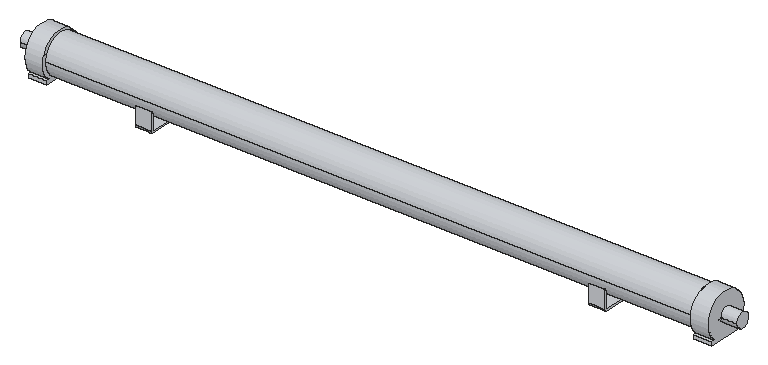
Revit family "0046370", category Lighting Fixtures, host Face, Revit 2017
Family settings
  Host = Face
  Round Connector Dimension = Use Diameter
  Part Type = Normal
  OmniClass Number = 23.80.70.00
  OmniClass Title = Lighting
  Cut with Voids When Loaded = No
  Light Source = Yes
  Shared = No
  Room Calculation Point = No
Parameters (values of type "0046370 ST WTRPRF SLIM 1200 IP65 4600LM 840")
  Weight = "9.27 kg"
  Wattage Comments = ""
  Wattage = 0 W
  WarrantyStartDate [instance] = "n/a"
  WarrantyGuarantorParts = "n/a"
  WarrantyDurationUnit = "n/a"
  WarrantyDurationParts = "n/a"
  WarrantyDescription = "n/a"
  built-in parameter 1150110 = 1 (stored number, unit not read)
  Voltage = 0 V
  URL = "http://www.sylvania-lighting.com"
  TypeName = "START Waterproof Slim 1200 IP65 4600lm 840"
  Type Image = <None>
  Type Comments = "n/a"
  built-in parameter 1114217 = 1 (stored number, unit not read)
  Tilt Angle = -90.00°
  built-in parameter 1150109 = 1 (stored number, unit not read)
  built-in parameter 1150134 = 12
  built-in parameter 1150113 = 1 (stored number, unit not read)
  SerialNumber [instance] = "n/a"
  Photometric Web File = "0046370.ies"
  Material_3_SYL = none
  PowerFactor = 0
  PowerConsumption = "n/a"
  NominalLength = 1122 mm
  NominalHeight = 64.5 mm
  NominalDepth = 67 mm
  Name = "START Waterproof Slim 1200 IP65 4600lm 840"
  ModelReference = Name  # "START Waterproof Slim 1200 IP65 4600lm 840"
  ModelNumber = "0046370"
  Model = Name  # "START Waterproof Slim 1200 IP65 4600lm 840"
  Material = "n/a"
  ManufacturerName = "Feilo Sylvania"
  Manufacturer = "Feilo Sylvania"
  MID_W_DIST_SYL = 47 mm
  LuminousEfficacy = "131 lm/W"
  built-in parameter 1150105 = (empty or 0)
  Lumens = 0 lm
  LuminaireType = ""
  built-in parameter 1150115 = 1 (stored number, unit not read)
  LightOutputRatio = "n/a"
  built-in parameter 1150137 = (empty or 0)
  built-in parameter 1150139 = (empty or 0)
  LampsType = Lamp  # "LED"
  LampNominalLuminous = "4600 lm"
  LampMacAdamStep = "n/a"
  LampColourTemperature = "4000 K"
  LampColourRenderingIndex = "80"
  built-in parameter 1150112 = 1 (stored number, unit not read)
  built-in parameter 1150114 = 1 (stored number, unit not read)
  Lamp = "LED"
  LENGHT_-1_SYL = (-1) * (LENGHT1_SYL)  # -545.5 mm
  LENGHT1_SYL = 545.5 mm
  LAM_D_SYL = 32.5 mm
  Keynote = "16500"
  InstallationDate [instance] = "n/a"
  InputVoltage = "n/a"
  InputNominalFrequency = "n/a"
  built-in parameter 1150132 = (empty or 0)
  built-in parameter 1150102 = (empty or 0)
  built-in parameter 1150107 = 4000 (stored number, unit not read)
  built-in parameter 1150138 = (empty or 0)
  IngressProtection = "IP65"
  ImpactProtectionIndex = "IK08"
  built-in parameter 1150106 = (empty or 0)
  IfcExportType = "IfcLightFixtureType"
  IfcExportAs = "IfcLightFixtureType"
  Emit from Circle Diameter = 609.6 mm
  Emit Shape Visible in Rendering = no
  ElectricShockClassification = "Class I"
  built-in parameter 1150104 = 12.17 (stored number, unit not read)
  DocumentationLiterature = "http://www.sylvania-lighting.com/product/en-int/products/0046370"
  DimmingControlOptions = "n/a"
  Material_2_SYL = none
  Dimming Lamp Color Temperature Shift = <None>
  Description = "START Waterproof Slim is a LED integrated polycarbonate housing luminaire with easy to access electrical terminal through bayonet lock end caps and tool-free electrical connection due to push-in terminal. Flexible installation as mounting brackets can be positioned freely on the luminaire. 35W; 4600lm; High efficiency with 131lm/W and 100,000 hours lifespan L70B50. SDCM < 5; IP65; IK08; Class I; 1207mm x 70mm x 69mm."
  Default Elevation = 1219.2 mm
  CreatedOn = "5/11/2021"
  CreatedBy = "@sylvania-lighting.com"
  Cost = 0
  Color Filter = 16777215
  built-in parameter 1114216 [instance] = (empty or 0)
  ClassificationValue = "EF_70_80"
  ClassificationName = "Uniclass2015"
  Material_1_SYL = none
  BarCode [instance] = "n/a"
  built-in parameter 1114218 = 1 (stored number, unit not read)
  built-in parameter 1150133 = 10 (stored number, unit not read)
  AssetType = "Fixed"
  AssetIdentifier [instance] = "n/a"
  Assembly Code = "D5020200"
  Apparent Load = 0 VA
  Material_4_SYL = none
Types (4, lengths in mm): name | TypeName | built-in parameter 1150134 | Photometric Web File | Name | ModelReference | ModelNumber | Model | LuminousEfficacy | LampNominalLuminous | LampColourTemperature | built-in parameter 1150107 | built-in parameter 1150104 | DocumentationLiterature | Description
  0046374 ST WTRPRF SLIM 1200 IP65 2500LM 865 | "START Waterproof Slim 1200 IP65 2500lm 865" | 1 | "0046374.ies" | "START Waterproof Slim 1200 IP65 2500lm 865" | "START Waterproof Slim 1200 IP65 2500lm 865" | "0046374" | "START Waterproof Slim 1200 IP65 2500lm 865" | "132 lm/W" | "2500 lm" | "6500 K" | 6500 (stored number, unit not read) | 12.263 (stored number, unit not read) | "http://www.sylvania-lighting.com/product/en-int/products/0046374" | "START Waterproof Slim is a LED integrated polycarbonate housing luminaire with easy to access electrical terminal through bayonet lock end caps and tool-free electrical connection due to push-in terminal. Flexible installation as mounting brackets can be positioned freely on the luminaire. 19W; 2500lm; High efficiency with 132lm/W and 100,000 hours lifespan L70B50. SDCM < 5; IP65; IK08; Class I; 1207mm x 70mm x 69mm."
  0046370 ST WTRPRF SLIM 1200 IP65 4600LM 840 | "START Waterproof Slim 1200 IP65 4600lm 840" | 12 | "0046370.ies" | "START Waterproof Slim 1200 IP65 4600lm 840" | "START Waterproof Slim 1200 IP65 4600lm 840" | "0046370" | "START Waterproof Slim 1200 IP65 4600lm 840" | "131 lm/W" | "4600 lm" | "4000 K" | 4000 (stored number, unit not read) | 12.17 (stored number, unit not read) | "http://www.sylvania-lighting.com/product/en-int/products/0046370" | "START Waterproof Slim is a LED integrated polycarbonate housing luminaire with easy to access electrical terminal through bayonet lock end caps and tool-free electrical connection due to push-in terminal. Flexible installation as mounting brackets can be positioned freely on the luminaire. 35W; 4600lm; High efficiency with 131lm/W and 100,000 hours lifespan L70B50. SDCM < 5; IP65; IK08; Class I; 1207mm x 70mm x 69mm."
  0046369 ST WTRPRF SLIM 1200 IP65 2500LM 840 | "START Waterproof Slim 1200 IP65 2500lm 840" | 12 | "0046369.ies" | "START Waterproof Slim 1200 IP65 2500lm 840" | "START Waterproof Slim 1200 IP65 2500lm 840" | "0046369" | "START Waterproof Slim 1200 IP65 2500lm 840" | "132 lm/W" | "2500 lm" | "4000 K" | 4000 (stored number, unit not read) | 12.263 (stored number, unit not read) | "http://www.sylvania-lighting.com/product/en-int/products/0046369" | "START Waterproof Slim is a LED integrated polycarbonate housing luminaire with easy to access electrical terminal through bayonet lock end caps and tool-free electrical connection due to push-in terminal. Flexible installation as mounting brackets can be positioned freely on the luminaire. 19W; 2500lm; High efficiency with 132lm/W and 100,000 hours lifespan L70B50. SDCM < 5; IP65; IK08; Class I; 1207mm x 70mm x 69mm."
  0046375 ST WTRPRF SLIM 1200 IP65 4600LM 865 | "START Waterproof Slim 1200 IP65 4600lm 865" | 1 | "0046375.ies" | "START Waterproof Slim 1200 IP65 4600lm 865" | "START Waterproof Slim 1200 IP65 4600lm 865" | "0046375" | "START Waterproof Slim 1200 IP65 4600lm 865" | "131 lm/W" | "4600 lm" | "6500 K" | 6500 (stored number, unit not read) | 12.17 (stored number, unit not read) | "http://www.sylvania-lighting.com/product/en-int/products/0046375" | "START Waterproof Slim is a LED integrated polycarbonate housing luminaire with easy to access electrical terminal through bayonet lock end caps and tool-free electrical connection due to push-in terminal. Flexible installation as mounting brackets can be positioned freely on the luminaire. 35W; 4600lm; High efficiency with 131lm/W and 100,000 hours lifespan L70B50. SDCM < 5; IP65; IK08; Class I; 1207mm x 70mm x 69mm."
Reference planes
  plane 1 "Center (Front/Back)": y = 0
  plane 2: z = 0
  plane 3 "Center (Left/Right)": x = 0
  plane 4: z = 47
  plane 5: z = 79.5
  plane 6: z = 12
  plane 7: y = 35
  plane 8: y = -35
  plane 9: z = 82
  plane 10: y = 29.5
  plane 11: y = -29.5
  plane 12: z = 18
  plane 13: y = 25.5
  plane 14: y = -25.5
  plane 15: z = 2
  plane 16: y = -27.5
  plane 17: y = 27.5
  plane 18: z = 59
  plane 19: x = 319
Forms (mm)
  Extrusion 1, solid
    sketch origin (319, 1524, 1219.2) x (0, 1, 0) y (0, 0, 1)
      loop
        circle (-1524, -1172.2) r 32.5
    from -545.5 <- "LENGHT_-1_SYL" to 545.5 <- "LENGHT1_SYL"
  Extrusion 2, solid
    sketch origin (319, 1524, 1219.2) x (0, 1, 0) y (0, 0, 1)
      loop
        arc (-1498.5, -1201.2) -> (-1524, -1137.2) -> (-1549.5, -1201.2) r 37.08
        line (-1549.5, -1201.2) -> (-1553.5, -1201.2) -> (-1553.5, -1207.2) -> (-1494.5, -1207.2) -> (-1494.5, -1201.2) -> (-1498.5, -1201.2)
    from -575.5 to -545.5
  Extrusion 3, solid
    sketch origin (319, 1524, 1219.2) x (0, 1, 0) y (0, 0, 1)
      loop
        line (-1494.5, -1184.388) -> (-1496.5, -1184.388) -> (-1496.5, -1215.2)
        arc (-1496.5, -1215.2) -> (-1497.086, -1216.614) -> (-1498.5, -1217.2) r 2
        line (-1498.5, -1217.2) -> (-1549.5, -1217.2)
        arc (-1549.5, -1217.2) -> (-1550.914, -1216.614) -> (-1551.5, -1215.2) r 2
        line (-1551.5, -1215.2) -> (-1551.5, -1184.388) -> (-1553.5, -1184.388) -> (-1553.5, -1216.2)
        arc (-1553.5, -1216.2) -> (-1552.621, -1218.321) -> (-1550.5, -1219.2) r 3
        line (-1550.5, -1219.2) -> (-1497.5, -1219.2)
        arc (-1497.5, -1219.2) -> (-1495.379, -1218.321) -> (-1494.5, -1216.2) r 3
        line (-1494.5, -1216.2) -> (-1494.5, -1184.388)
    from -395.5 to -368.5
  Extrusion 4, solid
    sketch origin (0, 0, 0) x (0, 1, 0) y (0, 0, 1)
      loop
        circle (0, 47) r 12
    from -284.5 to 922.5
  Extrusion 5, solid
    sketch origin (319, 1524, 1219.2) x (0, 1, 0) y (0, 0, -1)
      loop
        line (-1498.5, 1201.2) -> (-1494.5, 1201.2) -> (-1494.5, 1207.2) -> (-1553.5, 1207.2) -> (-1553.5, 1201.2) -> (-1549.5, 1201.2)
        arc (-1549.5, 1201.2) -> (-1524, 1137.2) -> (-1498.5, 1201.2) r 37.08
    from -575.5 to -545.5
  Extrusion 6, solid
    sketch origin (319, 1524, 1219.2) x (0, 1, 0) y (0, 0, -1)
      loop
        line (-1494.5, 1184.388) -> (-1494.5, 1216.2)
        arc (-1494.5, 1216.2) -> (-1495.379, 1218.321) -> (-1497.5, 1219.2) r 3
        line (-1497.5, 1219.2) -> (-1550.5, 1219.2)
        arc (-1550.5, 1219.2) -> (-1552.621, 1218.321) -> (-1553.5, 1216.2) r 3
        line (-1553.5, 1216.2) -> (-1553.5, 1184.388) -> (-1551.5, 1184.388) -> (-1551.5, 1215.2)
        arc (-1551.5, 1215.2) -> (-1550.914, 1216.614) -> (-1549.5, 1217.2) r 2
        line (-1549.5, 1217.2) -> (-1498.5, 1217.2)
        arc (-1498.5, 1217.2) -> (-1497.086, 1216.614) -> (-1496.5, 1215.2) r 2
        line (-1496.5, 1215.2) -> (-1496.5, 1184.388) -> (-1494.5, 1184.388)
    from -395.5 to -368.5
Dimensions and locks
  "MID_W_DIST_SYL": plane 4 to host face
  "LAM_D_SYL": plane 4 to plane 5
  aligned and locked: plane 2 to host face
  aligned and locked: level to host face
  aligned and locked: Extrusion 2 to Extrusion 1
Automatic sketch dimensions
  host sketch curve to host sketch curve = 2438.4 mm  (x2)
  Extrusion 1 sketch curve to plane 1 "Center (Front/Back)" = 0 mm
  plane 4 to Extrusion 1 sketch curve = 0 mm
  plane 6 to Extrusion 2 sketch curve = 0 mm
  Extrusion 2 sketch curve to plane 11 = 0 mm
  plane 12 to Extrusion 2 sketch curve = 0 mm  (x2)
  Extrusion 2 sketch curve to plane 14 = 0 mm
  Extrusion 2 sketch curve to plane 1 "Center (Front/Back)" = 0 mm
  Extrusion 2 sketch curve to plane 10 = 0 mm
  plane 4 to Extrusion 2 sketch curve = 2.08 mm
  Extrusion 3 sketch curve to plane 11 = 0 mm
  Extrusion 3 sketch curve to plane 16 = 0 mm
  Extrusion 3 sketch curve to level = 0 mm
  Extrusion 3 sketch curve to plane 14 = 0 mm
  Extrusion 3 sketch curve to plane 13 = 0 mm
  Extrusion 3 sketch curve to plane 17 = 0 mm
  Extrusion 3 sketch curve to plane 10 = 0 mm
  plane 15 to Extrusion 3 sketch curve = 0 mm
  plane 14 to Extrusion 3 sketch curve = 1 mm
  Extrusion 3 sketch curve to plane 13 = 1 mm
  plane 4 to Extrusion 3 sketch curve = 12.187 mm
  plane 4 to Extrusion 3 sketch curve = 12.188 mm
  Extrusion 4 sketch curve to plane 1 "Center (Front/Back)" = 0 mm
  plane 4 to Extrusion 4 sketch curve = 0 mm
  plane 6 to Extrusion 5 sketch curve = 0 mm
  Extrusion 5 sketch curve to plane 11 = 0 mm
  plane 12 to Extrusion 5 sketch curve = 0 mm  (x2)
  Extrusion 5 sketch curve to plane 14 = 0 mm
  Extrusion 5 sketch curve to plane 1 "Center (Front/Back)" = 0 mm
  Extrusion 5 sketch curve to plane 10 = 0 mm
  plane 4 to Extrusion 5 sketch curve = 2.08 mm
  Extrusion 6 sketch curve to plane 11 = 0 mm
  Extrusion 6 sketch curve to plane 16 = 0 mm
  Extrusion 6 sketch curve to level = 0 mm
  Extrusion 6 sketch curve to plane 14 = 0 mm
  Extrusion 6 sketch curve to plane 13 = 0 mm
  Extrusion 6 sketch curve to plane 17 = 0 mm
  Extrusion 6 sketch curve to plane 10 = 0 mm
  plane 15 to Extrusion 6 sketch curve = 0 mm
  plane 14 to Extrusion 6 sketch curve = 1 mm
  Extrusion 6 sketch curve to plane 13 = 1 mm
  plane 4 to Extrusion 6 sketch curve = 12.187 mm
  plane 4 to Extrusion 6 sketch curve = 12.188 mm
  radius of Extrusion 1 sketch curve = 32.5 mm
  radius of Extrusion 4 sketch curve = 12 mm
Connectors
  electrical at (-284.5, 0, 47)
    settings: on Extrusion 4, index 1, voltage 0 V, apparent load 0 VA, apparent load phase1 0 VA, apparent load phase2 0 VA, apparent load phase3 0 VA, power factor 1, load classification "Other", number of poles 1, system type 31, power factor state 1, is connector primary yes, connector utility no, sub classification motor no, connector description ""
